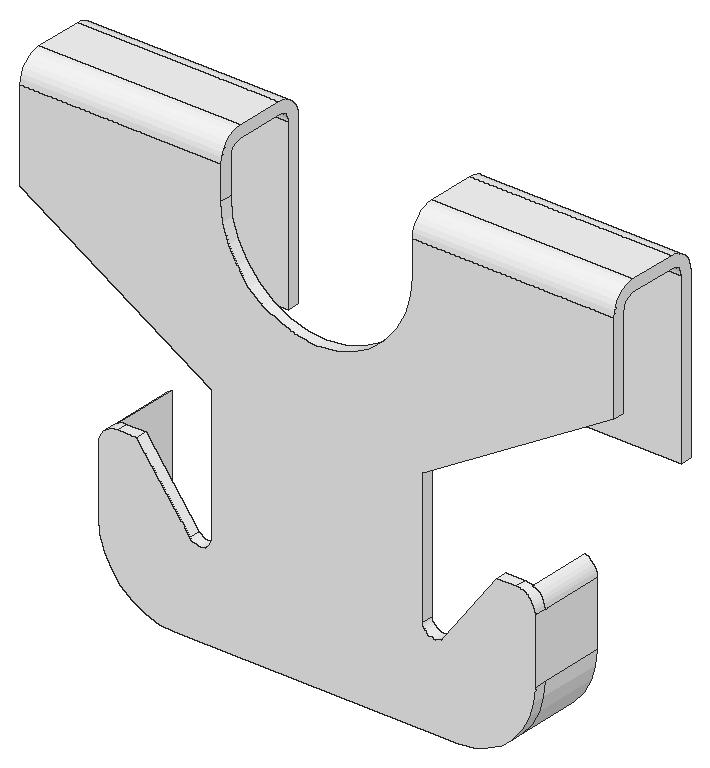
Revit family "特殊15mmSクリップ", category 機械設備, Revit 2020
Family settings
  丸型コネクタ寸法 = 直径を使用
  種別 = なし
  パーツ タイプ = 標準
  作業面ベース = いいえ
  常に垂直 = はい
  ロード時にボイドで切り取り = いいえ
  共有 = いいえ
  部屋計算ポイント = いいえ
Parameters
  製造元 = "株式会社桐井製作所"
  既定の高さ = 0 mm
  URL = "https://www.kirii.co.jp/"
  K_品名 = "特殊15mmSクリップ"
  K_名称 = "特殊クリップ"
  K_入数 = "2000"
  K_バージョン情報 = "20211012"
Reference planes
  plane 1 "中心(正面/背面)": y = 0
  plane 2: z = 0
  plane 3 "中心(左/右)": x = 0
Forms (mm)
  Extrusion 1, solid
    sketch origin (0, 30, 0) x (0, 1, 0) y (0, 0, 1)
      loop
        line (-30, 0) -> (-29.4, -0.6) -> (-29.4, 22.75)
        arc (-29.4, 22.75) -> (-29.21, 23.21) -> (-28.75, 23.4) r 0.65
        line (-28.75, 23.4) -> (-26.25, 23.4)
        arc (-26.25, 23.4) -> (-25.79, 23.21) -> (-25.6, 22.75) r 0.65
        line (-25.6, 22.75) -> (-25.6, 13.4) -> (-25, 14) -> (-25, 22.75)
        arc (-25, 22.75) -> (-25.366, 23.634) -> (-26.25, 24) r 1.25
        line (-26.25, 24) -> (-28.75, 24)
        arc (-28.75, 24) -> (-29.634, 23.634) -> (-30, 22.75) r 1.25
        line (-30, 22.75) -> (-30, 0)
    from -15.5 to 15.5
  Extrusion 2, void
    sketch origin (0, 0, 0) x (1, 0, 0) y (0, 0, 1)
      loop
        line (-5.5, 12) -> (-15.5, 18) -> (-15.5, 0) -> (-7.4, 0)
        arc (-7.4, 0) -> (-10.228, 1.172) -> (-11.4, 4) r 4
        line (-11.4, 4) -> (-11.4, 7.4)
        arc (-11.4, 7.4) -> (-11.107, 8.107) -> (-10.4, 8.4) r 1
        line (-10.4, 8.4) -> (-9.4, 8.4) -> (-6.65, 4.702)
        arc (-6.65, 4.702) -> (-5.975, 4.464) -> (-5.5, 5) r 0.641
        line (-5.5, 5) -> (-5.5, 12)
      loop
        line (5.5, 12) -> (5.5, 5)
        arc (5.5, 5) -> (5.975, 4.464) -> (6.65, 4.702) r 0.641
        line (6.65, 4.702) -> (9.4, 8.4) -> (10.4, 8.4)
        arc (10.4, 8.4) -> (11.107, 8.107) -> (11.4, 7.4) r 1
        line (11.4, 7.4) -> (11.4, 4)
        arc (11.4, 4) -> (10.228, 1.172) -> (7.4, 0) r 4
        line (7.4, 0) -> (15.5, 0) -> (15.5, 18) -> (5.5, 12)
    from -0.828 to 0.213
  Extrusion 3, void
    sketch origin (0, -0.6, -0.8) x (0, 1, 0) y (0, 0, 1)
      loop
        line (0.387, 0.8) -> (0.387, -0.064) -> (1.428, -0.064) -> (1.428, 0.8) -> (0.387, 0.8)
    from -15.5 to 15.5
  Extrusion 4, solid
    sketch origin (0, 0, 0) x (1, 0, 0) y (0, 0, 1)
      loop
        arc (-11.4, 4) -> (-10.228, 1.172) -> (-7.4, 0) r 4
        line (-7.4, 0) -> (7.4, 0)
        arc (7.4, 0) -> (10.228, 1.172) -> (11.4, 4) r 4
        line (11.4, 4) -> (11.4, 7.4)
        arc (11.4, 7.4) -> (11.237, 7.948) -> (10.8, 8.317) r 1
        line (10.8, 8.317) -> (10.8, 4)
        arc (10.8, 4) -> (9.804, 1.596) -> (7.4, 0.6) r 3.4
        line (7.4, 0.6) -> (-7.4, 0.6)
        arc (-7.4, 0.6) -> (-9.804, 1.596) -> (-10.8, 4) r 3.4
        line (-10.8, 4) -> (-10.8, 8.317)
        arc (-10.8, 8.317) -> (-11.237, 7.948) -> (-11.4, 7.4) r 1
        line (-11.4, 7.4) -> (-11.4, 4)
    from -4 to 0
  Extrusion 5, void
    sketch origin (0.081, 0, 4.031) x (1, 0, 0) y (0, 0, 1)
      loop
        arc (-5.081, 16.969) -> (-0.081, 11.969) -> (4.919, 16.969) r 5
        line (4.919, 16.969) -> (4.919, 19.969) -> (-5.081, 19.969) -> (-5.081, 16.969)
    from -3.583 to 0.213
  Extrusion 6, void
    sketch origin (0, 0, 4.642) x (1, 0, 0) y (0, 0, 1)
      loop
        line (-5, 19.358) -> (-5, 9.358) -> (5, 9.358) -> (5, 19.358) -> (-5, 19.358)
    from -3.583 to -5.28
  Extrusion 7, void
    sketch origin (0, -11.6, -5.745) x (0, 1, 0) y (0, 0, 1)
      loop
        line (15.842, 19.745) -> (15.842, 18.925) -> (16.756, 18.925) -> (16.756, 19.745) -> (15.842, 19.745)
    from -15.5 to 15.5
Cuts and joins
  Extrusion 2, Extrusion 3, Extrusion 5, Extrusion 6, Extrusion 7 cuts Extrusion 1
  Extrusion 5, Extrusion 6 cuts Extrusion 4
  joined: Extrusion 1, Extrusion 4
Dimensions and locks
  aligned and locked: level to plane 2
